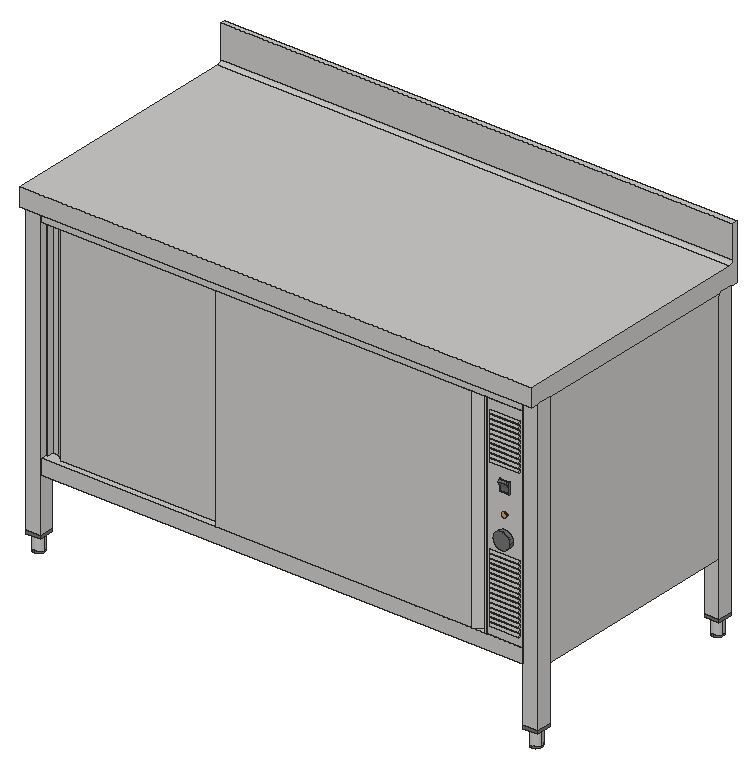
Revit family "QF_ELECTROLUXPROFESSIONAL_134051_GTC1410E", category Attrezzature speciali, Revit 2020
Family settings
  Quota connettore circolare = Usa diametro
  Tipo di parte = Normale
  Basato su piano di lavoro = No
  Sempre verticale = Sì
  Taglio con vuoti quando caricato = No
  Condiviso = No
  Punto di calcolo locali = No
Parameters (values of type "Standard")
  Weight = 81.00 kg
  Watts = 2530 W
  Volts = 220 V
  URL Manufacturer = "https://www.electroluxprofessional.com/"
  URL = "https://www.electroluxprofessional.com/"
  Steam Supply Size = 0 mm
  Steam Supply Minimum Pressure = 0.0 Pa
  Steam Supply Maximum Pressure = 0.0 Pa
  Steam Consumption per Hour = 0
  Refrigeration Suction Line Size = 0.0 mm
  Refrigeration Liquid Line Size = 0.0 mm
  Refrigerant Compressor Remote = yes
  Prospetto di default = 0.0 mm
  Produttore = "Electrolux Professional"
  Phase = 1
  Modello = "GTC1410E"
  Length Actual = 1400.0 mm  # constant formula
  Item Number = "134051"
  Hot Water Size = 0 mm
  Height Actual = 1000.0 mm  # constant formula
  HP = "3.4 HP"
  Gas Size = 0 mm
  Gas KW = 0
  Gas Input Pressure = 0 W
  Direct Waste Size = 0 mm
  Descrizione = "HOT CUPBOARD WITH UPSTAND 1400 MM"
  Depth Actual = 700.0 mm  # constant formula
  Cycle = 50 Hz
  Condensate Return Size = 0 mm
  Compressed Air Volume = 0.0 L/s
  Compressed Air Size = 0 mm
  Compressed Air Pressure = 0.0 Pa
  Cold Water Size = 0 mm
  Accessory = yes
Reference planes
  plane 1 "Center (Front/Back)": y = 0
  plane 2: z = 0
  plane 3 "Center (Left/Right)": x = -200
  plane 4 "LEFT": x = -900
  plane 5 "RIGHT": x = 500
  plane 6 "BACK": y = 350
  plane 7 "FRONT": y = -350
  plane 8 "Base": z = 850
  plane 9 "TOP": z = 900
  plane 10: x = -880
  plane 11: x = 480
  plane 12: y = 310
  plane 13: y = -310
  plane 14 "BodyLeft": x = -900
  plane 15 "BodyFront": y = -330
  plane 16 "BodyRight": x = 500
  plane 17 "BodyBack": y = 330
  plane 18 "FEET": z = 200
  plane 19: x = -120
  plane 20: x = -380
  plane 21 "AxeSlideDoor": x = -250
  plane 22: x = 360
  plane 23: x = 410
  plane 24: y = -160
Forms (mm)
  Extrusion 1, solid, material "QF_Finishes_Stainless Steel"
    sketch origin (-200, 0, 0) x (0, 1, 0) y (0, 0, 1)
      loop
        line (-350, 850) -> (350, 850) -> (350, 1000) -> (337, 1000) -> (337, 910)
        arc (337, 910) -> (334.071, 902.929) -> (327, 900) r 10
        line (327, 900) -> (-350, 900) -> (-350, 850)
    from 700 to -700
  Extrusion 2, solid, material "QF_Finishes_Stainless Steel"
    sketch origin (0, 0, 200) x (-1, 0, 0) y (0, -1, 0)
      loop
        line (900, -290) -> (900, 290) -> (860, 290) -> (860, -290) -> (900, -290)
      loop
        line (-460, -290) -> (-460, 290) -> (-500, 290) -> (-500, -290) -> (-460, -290)
    from 0 to 650
  Extrusion 3, solid, material "QF_Finishes_Stainless Steel"
    sketch origin (0, 0, 200) x (-1, 0, 0) y (0, -1, 0)
      loop
        line (860, -290) -> (860, 330) -> (-460, 330) -> (-460, -290) -> (860, -290)
    from 0 to 40
  Extrusion 4, solid, material "QF_Finishes_Stainless Steel"
    sketch origin (0, 0, 200) x (-1, 0, 0) y (0, -1, 0)
      loop
        line (860, -290) -> (-460, -290) -> (-460, -330) -> (860, -330) -> (860, -290)
    from 0 to 650
  Extrusion 5, solid, material "QF_Finishes_Stainless Steel"
    sketch origin (0, 0, 200) x (-1, 0, 0) y (0, -1, 0)
      loop
        line (-360, 330) -> (-360, 310) -> (380, 310) -> (380, 330) -> (-320, 330) -> (-340, 315) -> (-355, 315) -> (-355, 330) -> (-360, 330)
    from 40 to 620
  Extrusion 6, solid, material "QF_Finishes_Stainless Steel"
    sketch origin (0, 20, 200) x (1, 0, 0) y (0, 1, 0)
      loop
        line (-860, -330) -> (-855, -330) -> (-855, -315) -> (-840, -315) -> (-820, -330) -> (-120, -330) -> (-120, -310) -> (-860, -310) -> (-860, -330)
    from 40 to 620
  Extrusion 7, solid, material "QF_Finishes_Stainless Steel"
    sketch origin (0, 0, 200) x (-1, 0, 0) y (0, -1, 0)
      loop
        line (860, 290) -> (-460, 290) -> (-460, -290) -> (860, -290) -> (860, 290)
    from 350 to 390
  Extrusion 8, solid, material "QF_Finishes_Stainless Steel"
    sketch origin (0, 0, 200) x (-1, 0, 0) y (0, -1, 0)
      loop
        line (860, 330) -> (-460, 330) -> (-460, -310) -> (860, -310) -> (860, 330)
    from 620 to 650
  Extrusion 9, solid, material "QF_Finishes_Stainless Steel"
    sketch origin (0, 0, 200) x (-1, 0, 0) y (0, -1, 0)
      loop
        circle (-410, 160) r 10
    from 0 to -5
Lines and regions (mm)
  symbolic lines
    curve 1: line (500, 350, 900) -> (-900, 350, 900)
    curve 2: line (-900, 350, 900) -> (-900, -350, 900)
    curve 3: line (-900, -350, 900) -> (500, -350, 900)
    curve 4: line (500, -350, 900) -> (500, 350, 900)
  symbolic lines, style "SpecialityEquipmentHiddenLines"
    curve 5: line (-900, 330, 200) -> (500, 330, 200)
    curve 6: line (-900, -330, 200) -> (-900, 330, 200)
    curve 7: line (500, -330, 200) -> (-900, -330, 200)
    curve 8: line (500, 330, 200) -> (500, -330, 200)
    curve 9: line (-860, -290, 200) -> (-120, -290, 200)
    curve 10: line (-120, -290, 200) -> (-120, -310, 200)
    curve 11: line (-860, -310, 200) -> (360, -310, 200)
    curve 12: line (360, -310, 200) -> (360, -330, 200)
    curve 13: line (-380, -310, 200) -> (-380, -330, 200)
    curve 14: line (-860, -290, 200) -> (-860, -310, 200)
  symbolic lines, style "SpecialityEquipment"
    curve 15: line (-900, 337, 200) -> (500, 337, 200)
Dimensions and locks
  plane 4 "LEFT" to plane 5 "RIGHT" = 1400.0 mm
  equal spacing: plane 4 "LEFT", plane 3 "Center (Left/Right)", plane 5 "RIGHT"
  locked: plane 8 "Base" to level at 850
  plane 9 "TOP" to level = 900.0 mm
  plane 6 "BACK" to plane 7 "FRONT" = 700.0 mm
  equal spacing: plane 6 "BACK", plane 1 "Center (Front/Back)", plane 7 "FRONT"
  locked: plane 4 "LEFT" to plane 14 "BodyLeft"
  locked: plane 16 "BodyRight" to plane 5 "RIGHT"
  locked: plane 15 "BodyFront" to plane 7 "FRONT" at 20
  locked: plane 6 "BACK" to plane 17 "BodyBack" at 20
  locked: plane 14 "BodyLeft" to plane 10 at 20
  locked: plane 11 to plane 16 "BodyRight" at 20
  locked: plane 13 to plane 15 "BodyFront" at 20
  locked: plane 17 "BodyBack" to plane 12 at 20
  plane 10 to plane 11 = 1360.0 mm
  plane 12 to plane 13 = 620.0 mm
  locked: plane 14 "BodyLeft" to Extrusion 2 sketch curve at 40
  Extrusion 2 sketch curve to Extrusion 2 sketch curve = 40.0 mm
  locked: plane 18 "FEET" to plane 2 at 200
  plane 22 to plane 5 "RIGHT" = 140.0 mm
  equal spacing: Extrusion 2, plane 21 "AxeSlideDoor", plane 22
  locked: plane 20 to plane 21 "AxeSlideDoor" at 130
  locked: plane 21 "AxeSlideDoor" to plane 19 at 130
  plane 24 to plane 7 "FRONT" = 190.0 mm
  plane 23 to plane 16 "BodyRight" = 90.0 mm
  locked: Extrusion 1 to level at 1000
  aligned and locked: level to plane 2
  aligned and locked: plane 10 to nested 1
  aligned and locked: nested 1 to plane 13
  aligned and locked: plane 11 to nested 2
  aligned and locked: nested 2 to plane 13
  aligned and locked: plane 11 to nested 4
  aligned and locked: nested 4 to plane 12
  aligned and locked: plane 10 to nested 3
  aligned and locked: nested 3 to plane 12
  aligned and locked: Extrusion 1 to plane 4 "LEFT"
  aligned and locked: plane 5 "RIGHT" to Extrusion 1
  aligned and locked: curve 2 to plane 4 "LEFT"
  aligned and locked: Extrusion 2 sketch curve to plane 14 "BodyLeft"
  aligned and locked: plane 16 "BodyRight" to Extrusion 2 sketch curve
  aligned and locked: plane 8 "Base" to Extrusion 2
  aligned and locked: Extrusion 5 to Extrusion 3
  aligned and locked: Extrusion 6 sketch curve to plane 19
  aligned and locked: Extrusion 5 sketch curve to plane 20
  aligned and locked: Extrusion 1 to plane 8 "Base"
  aligned and locked: plane 9 "TOP" to Extrusion 1
  aligned and locked: curve 5 to plane 17 "BodyBack"
  aligned and locked: plane 14 "BodyLeft" to curve 6
  aligned and locked: plane 15 "BodyFront" to curve 7
  aligned and locked: plane 16 "BodyRight" to curve 8
  aligned and locked: Extrusion 3 sketch curve to Extrusion 2  (x2)
  aligned and locked: Extrusion 2 to Extrusion 4 sketch curve  (x2)
  aligned and locked: curve 7 to Extrusion 3 sketch curve
  aligned and locked: Extrusion 3 sketch curve to Extrusion 4
  aligned and locked: Extrusion 4 to plane 18 "FEET"
  aligned and locked: plane 22 to Extrusion 5 sketch curve
  aligned and locked: nested 5 to Extrusion 2
  aligned and locked: nested 5 to Extrusion 3
  aligned and locked: Extrusion 8 sketch curve to plane 15 "BodyFront"
  aligned and locked: plane 12 to Extrusion 8 sketch curve
  aligned and locked: curve 12 to plane 22
Automatic sketch dimensions
  curve 3 to plane 5 "RIGHT" = 0.0 mm
  curve 3 to plane 7 "FRONT" = 0.0 mm
  curve 2 to plane 6 "BACK" = 0.0 mm
  Extrusion 2 sketch curve to plane 12 = 20.0 mm  (x2)
  plane 13 to Extrusion 2 sketch curve = 20.0 mm  (x2)
  Extrusion 4 sketch curve to plane 17 "BodyBack" = 0.0 mm
  Extrusion 4 sketch curve to plane 12 = 20.0 mm
  Extrusion 5 sketch curve to plane 15 "BodyFront" = 0.0 mm  (x2)
  Extrusion 5 sketch curve to plane 13 = 0.0 mm
  Extrusion 5 sketch curve to plane 22 = 5.0 mm
  Extrusion 5 sketch curve to plane 13 = 5.0 mm
  Extrusion 5 sketch curve to Extrusion 5 sketch curve = 15.0 mm
  Extrusion 5 sketch curve to Extrusion 5 sketch curve = 20.0 mm
  Extrusion 6 sketch curve to plane 13 = 0.0 mm  (x2)
  Extrusion 6 sketch curve to plane 10 = 60.0 mm
  Extrusion 6 sketch curve to plane 13 = 15.0 mm
  Extrusion 6 sketch curve to Extrusion 6 sketch curve = 20.0 mm  (x2)
  Extrusion 6 sketch curve to Extrusion 6 sketch curve = 15.0 mm
  Extrusion 6 sketch curve to Extrusion 6 sketch curve = 5.0 mm
  Extrusion 7 sketch curve to plane 11 = 20.0 mm
  plane 10 to Extrusion 7 sketch curve = 20.0 mm
  Extrusion 7 sketch curve to plane 12 = 20.0 mm
  plane 13 to Extrusion 7 sketch curve = 20.0 mm
  Extrusion 8 sketch curve to plane 11 = 20.0 mm
  plane 10 to Extrusion 8 sketch curve = 20.0 mm
  Extrusion 9 sketch curve to plane 23 = 0.0 mm
  Extrusion 9 sketch curve to plane 24 = 0.0 mm
  Extrusion 1 sketch curve to plane 7 "FRONT" = 0.0 mm
  Extrusion 1 sketch curve to plane 9 "TOP" = 0.0 mm
  plane 9 "TOP" to Extrusion 1 sketch curve = 10.0 mm
  Extrusion 1 sketch curve to plane 6 "BACK" = 0.0 mm
  Extrusion 1 sketch curve to plane 8 "Base" = 0.0 mm
  Extrusion 1 sketch curve to plane 17 "BodyBack" = 3.0 mm
  plane 17 "BodyBack" to Extrusion 1 sketch curve = 7.0 mm
  Extrusion 1 sketch curve to Extrusion 1 sketch curve = 90.0 mm
  curve 15 to plane 5 "RIGHT" = 0.0 mm
  curve 11 to plane 13 = 0.0 mm
  curve 10 to plane 19 = 0.0 mm
  curve 13 to plane 20 = 0.0 mm
  curve 15 to plane 4 "LEFT" = 0.0 mm
  plane 10 to curve 14 = 20.0 mm
  plane 13 to curve 10 = 20.0 mm
  curve 15 to curve 5 = 7.0 mm
  radius of Extrusion 9 sketch curve = 10.0 mm
Nested families
  nested 1: "FEET_40x40_APP50" at (-880, -310, 0), type "FEET_40x40_APP50"
  nested 2: "FEET_40x40_APP50" at (480, -310, 0), type "FEET_40x40_APP50"
  nested 3: "FEET_40x40_APP50" at (-880, 310, 0), type "FEET_40x40_APP50"
  nested 4: "FEET_40x40_APP50" at (480, 310, 0), type "FEET_40x40_APP50"
  nested 5: "WT_PNL100x580" at (546.92, -290, 605) x (1, 0, 0) z (0, -1, 0), type "WT_PNL100x580"
    with Show Logo yes
Connectors
  electrical at (410, -160, 195)
    settings: on Extrusion 9, index 1, voltage 0 V, apparent load 0 VA, apparent load phase1 0 VA, apparent load phase2 0 VA, apparent load phase3 0 VA, power factor 1, load classification "Other", number of poles 1, system type 30, power factor state 1, is connector primary yes, connector utility no, sub classification motor no, connector description "Electrical connection"
Definition of nested family "FEET_40x40_APP50"
  Parameters
    Default Elevation = 0.0 mm
    FEET = 850.0 mm
  Reference planes
    plane 1 "Center (Front/Back)": y = 0
    plane 2: z = 0
    plane 3 "Center (Left/Right)": x = 0
    plane 4: z = 850
  Forms (mm)
    Extrusion 1, solid
      sketch origin (0, 0, 0) x (1, 0, 0) y (0, 1, 0)
        loop
          line (-20, -20) -> (20, -20) -> (20, 20) -> (-20, 20) -> (-20, -20)
      from 50 to 850
    Extrusion 2, solid
      sketch origin (0, 0, 0) x (1, 0, 0) y (0, 1, 0)
        loop
          circle (0, 0) r 15
      from 0 to 5
    Extrusion 3, solid
      sketch origin (0, 0, 0) x (1, 0, 0) y (0, 1, 0)
        loop
          line (-20, -20) -> (20, -20) -> (20, 20) -> (-20, 20) -> (-20, -20)
      from 50 to 42
    Extrusion 4, solid
      sketch origin (0, 0, 0) x (1, 0, 0) y (0, 1, 0)
        loop
          circle (0, 0) r 15
      from 5 to 42
  Lines and regions (mm)
    symbolic lines
      curve 1: line (0, -1.503, 0) -> (0, 1.508, 0)
      curve 2: line (1.561, 0, 0) -> (-1.439, 0, 0)
  Dimensions and locks
    "FEET": plane 4 to plane 2
    aligned and locked: level to plane 2
  Automatic sketch dimensions
    plane 1 "Center (Front/Back)" to curve 2 = 0.0 mm
    curve 1 to plane 3 "Center (Left/Right)" = 0.0 mm
    curve 2 to plane 3 "Center (Left/Right)" = 1.439 mm
    plane 3 "Center (Left/Right)" to curve 2 = 1.561 mm
    plane 1 "Center (Front/Back)" to curve 1 = 1.503 mm
    curve 1 to plane 1 "Center (Front/Back)" = 1.508 mm
    Extrusion 1 sketch curve to plane 3 "Center (Left/Right)" = 20.0 mm
    plane 3 "Center (Left/Right)" to Extrusion 1 sketch curve = 20.0 mm
    plane 1 "Center (Front/Back)" to Extrusion 1 sketch curve = 20.0 mm
    Extrusion 1 sketch curve to plane 1 "Center (Front/Back)" = 20.0 mm
    plane 1 "Center (Front/Back)" to Extrusion 2 sketch curve = 0.0 mm
    Extrusion 2 sketch curve to plane 3 "Center (Left/Right)" = 0.0 mm
    Extrusion 3 sketch curve to plane 3 "Center (Left/Right)" = 20.0 mm
    plane 3 "Center (Left/Right)" to Extrusion 3 sketch curve = 20.0 mm
    plane 1 "Center (Front/Back)" to Extrusion 3 sketch curve = 20.0 mm
    Extrusion 3 sketch curve to plane 1 "Center (Front/Back)" = 20.0 mm
    plane 1 "Center (Front/Back)" to Extrusion 4 sketch curve = 0.0 mm
    Extrusion 4 sketch curve to plane 3 "Center (Left/Right)" = 0.0 mm
    radius of Extrusion 2 sketch curve = 15.0 mm
    radius of Extrusion 4 sketch curve = 15.0 mm
Definition of nested family "WT_PNL100x580"
  Parameters
    Show Logo [instance] = yes
    Default Elevation = 1219.2 mm
  Reference planes
    plane 1 "Center (Front/Back)": y = -75
    plane 2: z = 0
    plane 3 "Center (Left/Right)": x = -136.92
    plane 4: x = -186.92
    plane 5: x = -86.92
    plane 6 "TOP": z = 40
  Forms (mm)
    Extrusion 1, solid
      sketch origin (0, 0, 0) x (1, 0, 0) y (0, 1, 0)
        loop
          line (-1219.2, 1219.2) -> (-1219.2, -1219.2) -> (1219.2, -1219.2) -> (1219.2, 1219.2) -> (-1219.2, 1219.2)
      from 0 to -304.8
    Extrusion 2, solid
      sketch origin (0, 35, 0) x (1, 0, 0) y (0, 1, 0)
        loop
          line (-186.92, 180) -> (-186.92, -400) -> (-86.92, -400) -> (-86.92, 180) -> (-186.92, 180)
      from 0 to 40
    Extrusion 3, solid
      sketch origin (0, 35, 40) x (-1, 0, 0) y (0, -1, 0)
        loop
          circle (136.92, 151.711) r 22.964
      from 0 to 11.071
    Extrusion 4, solid
      sketch origin (-136.92, 35, 0) x (0, 1, 0) y (0, 0, 1)
        loop
          line (95.896, 40) -> (104.899, 40) -> (95.896, 41.206) -> (95.896, 40)
        loop
          line (107.896, 40) -> (116.899, 40) -> (107.896, 41.206) -> (107.896, 40)
        loop
          line (119.896, 40) -> (128.899, 40) -> (119.896, 41.206) -> (119.896, 40)
        loop
          line (131.896, 40) -> (140.899, 40) -> (131.896, 41.206) -> (131.896, 40)
        loop
          line (143.896, 40) -> (152.899, 40) -> (143.896, 41.206) -> (143.896, 40)
        loop
          line (-246.104, 40) -> (-237.101, 40) -> (-246.104, 41.206) -> (-246.104, 40)
        loop
          line (-234.104, 40) -> (-225.101, 40) -> (-234.104, 41.206) -> (-234.104, 40)
        loop
          line (-222.104, 40) -> (-213.101, 40) -> (-222.104, 41.206) -> (-222.104, 40)
        loop
          line (-210.104, 40) -> (-201.101, 40) -> (-210.104, 41.206) -> (-210.104, 40)
        loop
          line (-198.104, 40) -> (-189.101, 40) -> (-198.104, 41.206) -> (-198.104, 40)
        loop
          line (-318.104, 40) -> (-309.101, 40) -> (-318.104, 41.206) -> (-318.104, 40)
        loop
          line (-306.104, 40) -> (-297.101, 40) -> (-306.104, 41.206) -> (-306.104, 40)
        loop
          line (-294.104, 40) -> (-285.101, 40) -> (-294.104, 41.206) -> (-294.104, 40)
        loop
          line (-282.104, 40) -> (-273.101, 40) -> (-282.104, 41.206) -> (-282.104, 40)
        loop
          line (-270.104, 40) -> (-261.101, 40) -> (-270.104, 41.206) -> (-270.104, 40)
        loop
          line (-258.104, 40) -> (-249.101, 40) -> (-258.104, 41.206) -> (-258.104, 40)
        loop
          line (-366.104, 40) -> (-357.101, 40) -> (-366.104, 41.206) -> (-366.104, 40)
        loop
          line (-354.104, 40) -> (-345.101, 40) -> (-354.104, 41.206) -> (-354.104, 40)
        loop
          line (-342.104, 40) -> (-333.101, 40) -> (-342.104, 41.206) -> (-342.104, 40)
        loop
          line (-330.104, 40) -> (-321.101, 40) -> (-330.104, 41.206) -> (-330.104, 40)
        loop
          line (-378.104, 40) -> (-369.101, 40) -> (-378.104, 41.206) -> (-378.104, 40)
        loop
          line (23.896, 40) -> (32.899, 40) -> (23.896, 41.206) -> (23.896, 40)
        loop
          line (35.896, 40) -> (44.899, 40) -> (35.896, 41.206) -> (35.896, 40)
        loop
          line (47.896, 40) -> (56.899, 40) -> (47.896, 41.206) -> (47.896, 40)
        loop
          line (59.896, 40) -> (68.899, 40) -> (59.896, 41.206) -> (59.896, 40)
        loop
          line (71.896, 40) -> (80.899, 40) -> (71.896, 41.206) -> (71.896, 40)
        loop
          line (83.896, 40) -> (92.899, 40) -> (83.896, 41.206) -> (83.896, 40)
      from -40 to 40
    Extrusion 5, solid
      sketch origin (0, -5, 40) x (-1, 0, 0) y (0, -1, 0)
        loop
          line (123.92, -32.89) -> (149.92, -32.89) -> (149.92, -1.89) -> (123.92, -1.89) -> (123.92, -32.89)
        loop
          line (148.92, -31.89) -> (148.92, -2.89) -> (124.92, -2.89) -> (124.92, -31.89) -> (148.92, -31.89)
      from 0 to 1.6
    Extrusion 6, solid
      sketch origin (0, 95, 40) x (-1, 0, 0) y (0, -1, 0)
        loop
          circle (136.92, 151.711) r 7
      from 0 to 1.6
    Extrusion 7, solid
      sketch origin (-136.92, 35, 0) x (0, 1, 0) y (0, 0, 1)
        loop
          line (-37.11, 38) -> (-8.11, 38) -> (-8.11, 41.206)
          arc (-8.11, 41.206) -> (-8.756, 45.488) -> (-10.639, 49.389) r 14.5
          arc (-10.639, 49.389) -> (-23.172, 43.026) -> (-37.11, 41.206) r 41.552
          line (-37.11, 41.206) -> (-37.11, 38)
      from -12 to 12
  Dimensions and locks
    equal spacing: plane 4, plane 3 "Center (Left/Right)", plane 5
    plane 6 "TOP" to level = 40.0 mm
    Extrusion 2 to Extrusion 2 = 580.0 mm
    plane 4 to plane 5 = 100.0 mm
    aligned and locked: plane 2 to Extrusion 1
    aligned and locked: level to Extrusion 1
  Automatic sketch dimensions
    Extrusion 1 sketch curve to Extrusion 1 sketch curve = 2438.4 mm  (x2)
    Extrusion 2 sketch curve to plane 4 = 0.0 mm
    Extrusion 2 sketch curve to plane 5 = 0.0 mm
    Extrusion 3 sketch curve to plane 3 "Center (Left/Right)" = 0.0 mm
    plane 1 "Center (Front/Back)" to Extrusion 3 sketch curve = 41.711 mm
    plane 3 "Center (Left/Right)" to Extrusion 5 sketch curve = 13.0 mm
    Extrusion 5 sketch curve to plane 3 "Center (Left/Right)" = 13.0 mm
    Extrusion 5 sketch curve to plane 1 "Center (Front/Back)" = 102.89 mm
    Extrusion 5 sketch curve to Extrusion 5 sketch curve = 31.0 mm
    Extrusion 6 sketch curve to plane 3 "Center (Left/Right)" = 0.0 mm
    Extrusion 6 sketch curve to plane 1 "Center (Front/Back)" = 18.289 mm
    Extrusion 4 sketch curve to plane 6 "TOP" = 0.0 mm  (x27)
    Extrusion 4 sketch curve to Extrusion 4 sketch curve = 9.003 mm  (x27)
    Extrusion 4 sketch curve to Extrusion 4 sketch curve = 2.997 mm  (x25)
    plane 6 "TOP" to Extrusion 4 sketch curve = 1.206 mm  (x27)
    Extrusion 4 sketch curve to plane 1 "Center (Front/Back)" = 133.896 mm
    Extrusion 5 sketch curve to Extrusion 5 sketch curve = 1.0 mm  (x4)
    Extrusion 7 sketch curve to plane 6 "TOP" = 2.0 mm
    Extrusion 7 sketch curve to plane 1 "Center (Front/Back)" = 72.89 mm
    Extrusion 7 sketch curve to plane 1 "Center (Front/Back)" = 74.556 mm
    plane 6 "TOP" to Extrusion 7 sketch curve = 1.206 mm  (x2)
    Extrusion 7 sketch curve to Extrusion 7 sketch curve = 14.5 mm  (x2)
    Extrusion 7 sketch curve to Extrusion 7 sketch curve = 2.529 mm
    Extrusion 2 sketch curve to plane 1 "Center (Front/Back)" = 290.0 mm
    plane 1 "Center (Front/Back)" to Extrusion 2 sketch curve = 290.0 mm
    plane 1 "Center (Front/Back)" to Extrusion 4 sketch curve = 79.101 mm
    radius of Extrusion 3 sketch curve = 22.964 mm
    radius of Extrusion 6 sketch curve = 7.0 mm
